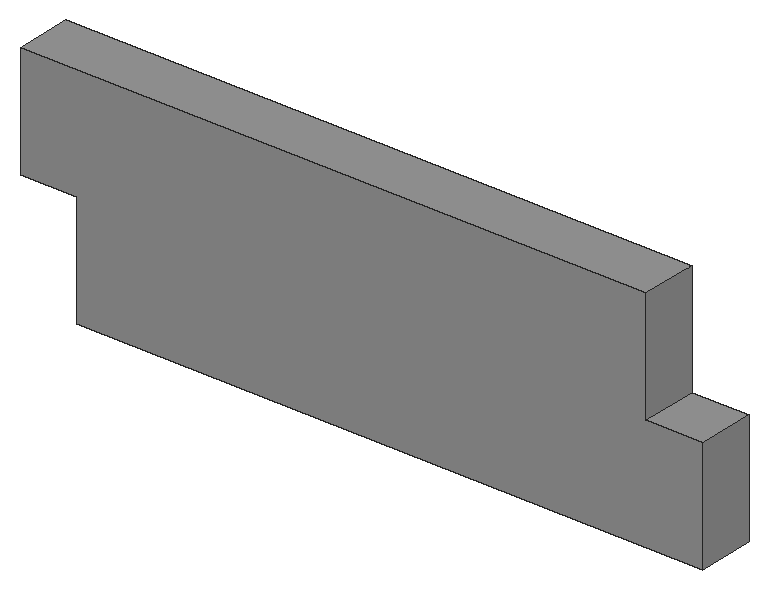
Revit family "Stonepanel_Silvestre_ESP", category Modelos genéricos, Revit 2015
Parameters (values of type "Stonepanel® SKY Silvestre")
  Ventajas de Stonepanel = "Eficaz: Instalación ágil y sencilla : 10 veces más rápido que la mampostería tradicional (Ritmo medio de colocación de 20 m2/día). Mayor rentabilidad gracias al menor desperdicio de material en obra y a la durabilidad de un producto natural frente a otros revestimientos. La colocación de los paneles no requiere mano de obra ni maquinaria especializada.\r\nSeguro: Un sistema de anclaje patentado, de acero inoxidable, que permite su instalación a más de 2 metros de altura. Base de cemento homogénea y rugosa que garantiza la adhesión y permite el corte sin desprendimiento.\r\nCalidad: Control permanente del proceso de producción desde la oficina I+D+I. Una cuidada selección de piedra natural realizada por los expertos de CUPASTONE. Disponibilidad de piezas especiales para adaptarse perfectamente a cada edificio: esquinas (macizas, rectas, dobles o para ventanas), cubremuros, y otros complementarios.\r\nEstética: Forma de “S” que evita la visión de las juntas para homogenizar el aspecto final. Gran variedad de paneles para elegir entre colores y acabados de piedra natural. La propia belleza y exclusividad de la piedra natural: Cada piedra es\r\núnica."
  Usos Indicados = "Revestimiento de Paredes exteriores e interiores en edificaciones nuevas o rehabilitaciones"
  Uniclass 2015 = "Pr_25_71_14_56 Natural stone panels"
  Uniclass 2 = "Pr_25_71_14_56 Natural stone panels"
  URL = "http://www.cupastone.es/producto/stonepanel-silvestre/"
  Sistema de anclaje = "Cinta perforada en acero inoxidable:\r\n- Naturaleza del acero: AISI 316 (1.4401) o AISI 304 (1.4301)\r\n- Espesor mínimo (mm) : 0,7\r\n- Ancho (mm) : 12 a 15\r\n- Diámetro del hueco (mm) : 6 ± 1\r\n\r\nTacos:\r\nLa elección de los tacos y clavijas de fijación debe ser realizada teniendo en cuenta la acción en depresión del viento (muros exteriores) y de la resistencia de los tacos en el soporte, en función de la naturaleza del soporte."
  Resistencia al fuego = "No combustible"
  Resistencia a la flexión = "-"
  Resistencia al hielo = "Sin alteraciones despues de 50 ciclos"
  Resistencia = "Buena resistencia"
  Peso = "10,3 kg"
  Oxidación = "No oxida"
  Otros datos de interés del producto = "Dispone de un anclaje para instalar a alturas superiores a 2 metros"
  Omniclass = "23-15 15 15 11"
  Número de serie = "SPZ-55N"
  NBS Reference = "45-25-45/380 Natural stone panels"
  Modelo = "Stonepanel® SKY Silvestre"
  Material = "Panel de piedra gneis clara y homogénea de acabado rústico. Perfecta para decorar fachadas o paredes con un toque tradicional."
  Limpieza = "En general, los paneles no requieren mantenimiento y son auto- limpiantes, pero la eliminación de algunos tipos de marcas pueden requerir un tratamiento especializado.\r\nEn caso de suciedad anormal, la superficie puede limpiarse con una mezcla / detergente doméstico y agua caliente , aplicada con una almohadilla de limpieza adecuado o una esponja."
  Largo = 600 mm
  Impacto = "-"
  Imagen de tipo = <Ninguno>
  H1 = 100 mm
  Formato = "600x200"
  Forma de suministro = "Los paneles se presentan en parejas, en un embalaje plástico o en cajas de cartón de 3 o 4 piezas."
  Forma = "Forma de \"s\""
  Fabricante = "Cupastone"
  Envejecimiento por cambio térmicos = "Sin alteraciones después de 20 ciclos."
  Ensayos realizados por SINTEF = "Ensayo a los materiales de piedra, Ensayos a los paneles, Durabilidad y absorción de agua"
  Ensayos realizados por DIBt = "Adherencia entre piedra y mortero, Adherencia entre piedra y mortero tras 50 ciclos de hielo-deshielo"
  Ensayos realizados por BBA = "Resistencia a daños por heladicidad, Resistencia a choque térmico, Adherencia entre piedra y mortero, Resistencia al arrancamiento del anclaje, Resistencia a impacto"
  Ensayos realizados por Avis Technique = "Resistencia mecánica del anclaje, Resistencia mecánica de la cinta de seguridad, Ensayo de durabilidad tras la acción del agua, Ensayo de durabilidad tras la acción del hielo, Ensayo sísmico"
  Durabilidad = "Según el certificado BBA, el sistema tiene una vida de diseño superior a 30 años."
  Detalles constructivos = "Detalles de:\r\n- Instalación con perfil metálico\r\n- Instalación de Stonepanel\r\n- Instalación en muro interior\r\n- Instalación del elemento de seguridad (cinta perforada + tacos)\r\n- Esquinas entrantes\r\n- Esquinas salientes\r\n- Esquinas salientes pre-fabricadas\r\n- Esquinas salientes mediante serrado del panel\r\n- Esquinas salientes sin continuidad de Stonepanel (caso de una fachada lateral)\r\n- Bordes superiores\r\n- Sobre parapeto\r\n- Marco de vano"
  Desfase de altura = 0 mm
  Descripción = "Pieza de piedra natural montada sobre una base de cemento y reforzada con una malla de fibra de vidrio .\r\nPosee sistema de anclaje patentado, de acero inoxidable, que permite su instalación a más de 2 metros de altura"
  Densidad aparente = "96 kg/m2"
  Color secundario = "Gris"
  Color principal = "Beige"
  Certificaciones = "BBA - Reino Unido, Avis Technique - Francia, DIBt - Alemania, SINTEF - Noruega"
  Aspecto = "Tradicional"
  Ancho = 50 mm
  Alto = 200 mm
  Adherencia del mortero = ">1N/mm2"
  Acabado = "Natural (Opción de acabado Vintage SPZ 55TH)"
  Absorción = "Baja absorción"
Reference planes
  plane 1 "Muro": y = 0
  plane 2 "Centro (Izquierda/Derecha)": x = 125
  plane 3 "Posterior": y = 75
Forms (mm)
  Extrusion 1, solid, material "Stonepanel® SKY Silvestre"
    sketch origin (0, 160, 1120) x (1, 0, 0) y (0, 0, 1)
      loop
        line (125, -1120) -> (125, -1020) -> (75, -1020) -> (75, -920) -> (-475, -920) -> (-475, -1020) -> (-425, -1020) -> (-425, -1120) -> (125, -1120)
    from 35 to 85
Text (mm)
  text "Cara de colocación" at (-1848.837, 1116.779, 0), in view "Nivel de referencia"
  text "Cara de colocación" at (0, 1409.804, 2854.306), in view "Izquierda"
  text "Cara de colocación" at (0, 499.811, 2980.732), in view "Derecha"
Dimensions and locks
  locked: plane 3 "Posterior" to host wall
  locked: Extrusion 1 to plane 3 "Posterior" at 0
  "Ancho": Extrusion 1 to Extrusion 1
  "Largo": Extrusion 1 to Extrusion 1
  "H1": Extrusion 1 to Extrusion 1
  "H1": level to Extrusion 1
  "Desfase de altura": level to Extrusion 1
  locked: Extrusion 1 to Extrusion 1 at 50  (x2)
  "Alto": Extrusion 1 to Extrusion 1
  aligned and locked: plane 1 "Muro" to host wall
Automatic sketch dimensions
  level to Extrusion 1 sketch curve = 0 mm
  Extrusion 1 sketch curve to plane 2 "Centro (Izquierda/Derecha)" = 0 mm
  Extrusion 1 sketch curve to plane 2 "Centro (Izquierda/Derecha)" = 50 mm
  Extrusion 1 sketch curve to Extrusion 1 sketch curve = 500 mm
  Extrusion 1 sketch curve to Extrusion 1 sketch curve = 50 mm
  level to Extrusion 1 sketch curve = 100 mm  (x2)
  Extrusion 1 sketch curve to Extrusion 1 sketch curve = 100 mm
